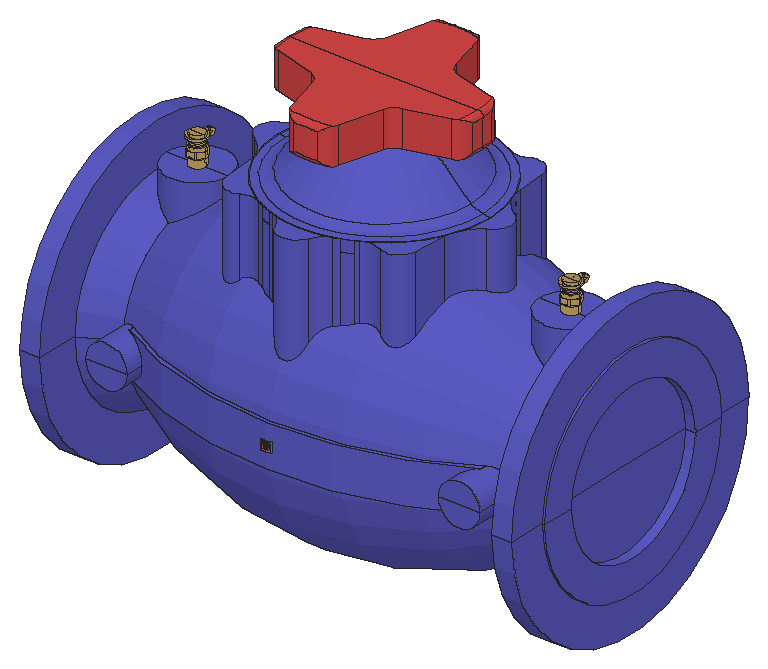
Revit family "Strangregulierventil für Differenzdruckmessung, Geradsitzform 4218 GMF", category Rohrzubehör, Revit 2018
Family settings
  Bemaßung runder Anschluss = Durchmesser verwenden
  Teiletyp = Unterbricht
  OmniClass-Nummer = 23.65.55.14
  OmniClass-Titel = Valves for Liquid Services
  Arbeitsebenenbasiert = Nein
  Immer vertikal = Ja
  Beim Laden mit Abzugskörper schneiden = Nein
  Gemeinsam genutzt = Nein
Parameters
  kvs-Wert [instance] = if(Nennweite = 25.00 mm, 11.53, if(Nennweite = 32.00 mm, 16.6, if(Nennweite = 40.00 mm, 28.6, if(Nennweite = 50.00 mm, 37.84, if(Nennweite = 65.00 mm, 60.3, if(Nennweite = 80.00 mm, 67.8, if(Nennweite = 100.00 mm, 99.55, if(Nennweite = 125.00 mm, 186.58, if(Nennweite = 150.00 mm, 279.05, 0)))))))))  # 279.05
  W02 = 60.00°  # constant formula
  W01 [instance] = if(Nennweite = 25.00 mm, 10.00°, if(Nennweite = 32.00 mm, 10.00°, if(Nennweite = 40.00 mm, 15.00°, if(Nennweite = 50.00 mm, 10.00°, if(Nennweite = 65.00 mm, 25.00°, if(Nennweite = 80.00 mm, 25.00°, 0.80°))))))  # 0.80°
  Ventiloberteil (bis DN100) = "Messing"  # constant formula
  Ventiloberteil (ab DN125) = "Grauguss"  # constant formula
  Ventilgehäuse = "Grauguss GJL 250 nach EN 1561"  # constant formula
  URL = "www.herz-armaturen.at"
  SCRNSEQ = "ARM;ARM_TYP=\"STRV\";2"
  SCRNCODE = "05;07;02"  # constant formula
  S01 [instance] = Nennweite + 10.00 mm  # 160.00 mm
  R02 [instance] = size_lookup("4218_GMF_", "R2", 1.00 mm, Nennweite)  # 30.00 mm
  R01 [instance] = size_lookup("4218_GMF_", "R1", 1.00 mm, Nennweite)  # 20.00 mm
  O-Ringe = "EPDM"  # constant formula
  Nennweite [instance] = 150.00 mm
  Medium = "Heizwasserqualität entsprechend ÖNORM H 5195 bzw. VDI Richtlinie 2035.\r\nEthylen und Propylenglykol können in einem Verhältnis von 25-50 vol. [%] gemischt werden."
  Max. Betriebstemperatur (bis DN32) = 130 °C  # constant formula
  Max. Betriebstemperatur (ab DN40) = 110 °C  # constant formula
  Max. Betriebsdruck = 1600000.0 Pa  # constant formula
  L03 [instance] = size_lookup("4218_GMF_", "L3", 1.00 mm, Nennweite)  # 180.00 mm
  L02 [instance] = size_lookup("4218_GMF_", "L2", 1.00 mm, Nennweite)  # 170.00 mm
  L01 [instance] = size_lookup("4218_GMF_", "L1", 1.00 mm, Nennweite)  # 185.00 mm
  L00 [instance] = size_lookup("4218_GMF_", "L", 1.00 mm, Nennweite)  # 480.00 mm
  Hersteller = "HERZ Armaturen Ges.m.b.H."  # constant formula
  H08 [instance] = H02 + H04  # 238.50 mm
  H07 = 10.00 mm  # constant formula
  H06 [instance] = size_lookup("4218_GMF_", "H6", 1.00 mm, Nennweite)  # 56.00 mm
  H05 [instance] = size_lookup("4218_GMF_", "H5", 1.00 mm, Nennweite)  # 11.00 mm
  H04 [instance] = size_lookup("4218_GMF_", "H4", 1.00 mm, Nennweite)  # 78.50 mm
  H03 [instance] = size_lookup("4218_GMF_", "H3", 1.00 mm, Nennweite)  # 118.00 mm
  H02N [instance] = H02 + 11.00 mm  # 171.00 mm
  H02 [instance] = size_lookup("4218_GMF_", "H2", 1.00 mm, Nennweite)  # 160.00 mm
  H01 [instance] = size_lookup("4218_GMF_", "H1", 1.00 mm, Nennweite)  # 122.00 mm
  GT = 10.00 mm  # constant formula
  FLL02 [instance] = size_lookup("4218_GMF_", "FLL2", 1.00 mm, Nennweite)  # 19.00 mm
  FLL01 [instance] = size_lookup("4218_GMF_", "FLL1", 1.00 mm, Nennweite)  # 3.00 mm
  FLD03 [instance] = size_lookup("4218_GMF_", "FLD3", 1.00 mm, Nennweite)  # 84.20 mm
  FLD02 [instance] = size_lookup("4218_GMF_", "FLD2", 1.00 mm, Nennweite)  # 101.00 mm
  FLD01 [instance] = size_lookup("4218_GMF_", "FLD1", 1.00 mm, Nennweite)  # 106.00 mm
  FLD00 [instance] = size_lookup("4218_GMF_", "FLD", 1.00 mm, Nennweite)  # 142.50 mm
  Differenzdruckmessnung = "Das STRÖMAX-GMF Strangregulierventil ist mit zwei Schnellmessventilen ausgestattet:\r\nBei Verwendung eines geeigneten Messgerätes kann der Differenzdruck gemessen und dadurch die jeweilige Durchflussmenge in Abhängigkeit der Einstellstufe ermittelt werden.\r\nAn den HERZ-Messcomputern ist außerdem direkt die jeweilige Durchflussmenge ablesbar (siehe Gerätehandbuch)."
  DN80 [instance] = Nennweite = 80.00 mm  # no
  DN65 [instance] = Nennweite = 65.00 mm  # no
  DN50-DN80 [instance] = or(Nennweite = 50.00 mm, Nennweite = 65.00 mm, Nennweite = 80.00 mm)  # no
  DN50 [instance] = Nennweite = 50.00 mm  # no
  DN40 [instance] = Nennweite = 40.00 mm  # no
  DN32 [instance] = Nennweite = 32.00 mm  # no
  DN25-DN40 [instance] = or(Nennweite = 25.00 mm, Nennweite = 32.00 mm, Nennweite = 40.00 mm)  # no
  DN25 [instance] = Nennweite = 25.00 mm  # no
  DN150 [instance] = Nennweite = 150.00 mm  # yes
  DN125 [instance] = Nennweite = 125.00 mm  # no
  DN100-DN125 [instance] = or(Nennweite = 100.00 mm, Nennweite = 125.00 mm, Nennweite = 150.00 mm)  # yes
  DN100 [instance] = Nennweite = 100.00 mm  # no
  D04 [instance] = size_lookup("4218_GMF_", "D4", 1.00 mm, Nennweite)  # 15.00 mm
  D03 [instance] = size_lookup("4218_GMF_", "D3", 1.00 mm, Nennweite)  # 16.00 mm
  D02 [instance] = size_lookup("4218_GMF_", "D2", 1.00 mm, Nennweite)  # 17.00 mm
  D01 [instance] = size_lookup("4218_GMF_", "D1", 1.00 mm, Nennweite)  # 102.50 mm
  D00 [instance] = size_lookup("4218_GMF_", "D", 1.00 mm, Nennweite)  # 140.00 mm
  Bestellnummer [instance] = size_lookup("4218_GMF_", "Artnr", 0, Nennweite)  # 1421851
  BH02 [instance] = -BH01  # -20.00 mm
  BH01 [instance] = if(Nennweite = 25.00 mm, 12.00 mm, if(Nennweite = 32.00 mm, 12.50 mm, if(Nennweite = 40.00 mm, 12.50 mm, if(Nennweite = 50.00 mm, 12.50 mm, if(Nennweite = 65.00 mm, 15.00 mm, if(Nennweite = 80.00 mm, 16.00 mm, if(Nennweite = 100.00 mm, 17.50 mm, if(Nennweite = 125.00 mm, 17.50 mm, if(Nennweite = 150.00 mm, 20.00 mm, 1.00 mm)))))))))  # 20.00 mm
  Ausführung = "Geradsitzform, Gehäuse Grauguss GJL 250 nach EN 1561, Flansche nach EN 1092, PN 16; blau lackiert.\r\nMessing Oberteil bis DN 100 geschraubt, ab DN 125 Ventiloberteil Grauguss mit nicht steigender Spindel, Spindelabdichtung durch Doppel-O-Ring.\r\nVoreinstellung durch Hubbegrenzung mittels Innenspindel, digitale Anzeige der Voreinstellstufe im Handradfenster.\r\nZwei Schnellmessventile sind neben dem Handrad montiert."
  Anwendungen = "Zum hydraulischen Abgleich in Heiz- oder Kühlanlagen, Einregulieren und Absperren von Verteilleitungen, Strängen, Wärmetauschern, Heiz- und Kühlregistern."
  Anschluss [instance] = Nennweite / 2  # 75.00 mm
Reference planes
  plane 1 "Mitte (Vorne/hinten)": y = 0
  plane 2: z = 0
  plane 3 "Mitte (Links/rechts)": x = 0
Forms (mm)
  Revolve 1, solid, material "Herz-Marineblau", detail levels fine
    sketch origin (1058.943, 0, 0) x (1, 0, 0) y (0, 1, 0)
      loop
        line (-1295.943, 142.5) -> (-1295.943, 106) -> (-1298.943, 106) -> (-1298.943, 75) -> (-1288.943, 75) -> (-1288.943, 0) -> (-828.943, 0) -> (-828.943, 75) -> (-818.943, 75) -> (-818.943, 106) -> (-821.943, 106) -> (-821.943, 142.5) -> (-840.943, 142.5) -> (-840.943, 101) -> (-873.943, 84.2)
        arc (-873.943, 84.2) -> (-1058.943, 140) -> (-1243.943, 84.2) r 334.576
        line (-1243.943, 84.2) -> (-1276.943, 101) -> (-1276.943, 142.5) -> (-1295.943, 142.5)
      axis (-1298.943, 0) -> (-818.943, 0)
    angle from 0 to 360
  Revolve 2, solid, material "Herz-Marineblau", detail levels fine
    sketch origin (0, 0, 0) x (1, 0, 0) y (0, 1, 0)
      loop
        line (-170, 122) -> (-190, 122) -> (-190, -122) -> (-170, -122) -> (-170, 122)
      axis (-170, 122) -> (-170, -122)
    angle from 0 to 360
  Revolve 3, solid, material "Herz-Marineblau", detail levels fine
    sketch origin (0, 0, 0) x (-1, 0, 0) y (0, 1, 0)
      loop
        line (-170, 122) -> (-190, 122) -> (-190, -122) -> (-170, -122) -> (-170, 122)
      axis (-170, 122) -> (-170, -122)
    angle from 0 to 360
  Revolve 4, solid, material "Herz-Marineblau", detail levels fine
    sketch origin (0, 0, 0) x (1, 0, 0) y (0, 0, 1)
      loop
        line (0, 0) -> (0, 160) -> (-102.5, 160) -> (-102.5, 0) -> (0, 0)
      axis (0, 160) -> (0, 0)
    angle from 0 to 360
  Revolve 5, solid, material "Herz-Marineblau", detail levels fine
    sketch origin (0, 0, 0) x (1, 0, 0) y (0, 0, 1)
      loop
        line (-178.413, 4.322) -> (-148.416, 4.741) -> (-150.003, 118.419) -> (-180, 118) -> (-178.413, 4.322)
      axis (-180, 118) -> (-178.413, 4.322)
    angle from 0 to 360
  Revolve 6, solid, material "Herz-Marineblau", detail levels fine
    sketch origin (0, 0, 0) x (-1, 0, 0) y (0, 0, 1)
      loop
        line (-178.413, 4.322) -> (-148.416, 4.741) -> (-150.003, 118.419) -> (-180, 118) -> (-178.413, 4.322)
      axis (-180, 118) -> (-178.413, 4.322)
    angle from 0 to 360
  Extrusion 7, solid, material "Herz-Marineblau", visible <- "DN25", detail levels fine
    sketch origin (0, 0, 0) x (1, 0, 0) y (0, 1, 0)
      loop
        line (-40, 18.232) -> (-40, -18.232)
        arc (-40, -18.232) -> (0, -31) -> (40, -18.232) r 69.038
        line (40, -18.232) -> (40, 18.232)
        arc (40, 18.232) -> (0, 31) -> (-40, 18.232) r 69.038
    from -20 <- "BH02" to 20 <- "BH01"
  Extrusion 8, solid, material "Herz-Marineblau", visible <- "DN32", detail levels fine
    sketch origin (0, 0, 0) x (1, 0, 0) y (0, 1, 0)
      loop
        line (-50, 21.35) -> (-50, -21.35)
        arc (-50, -21.35) -> (0, -37) -> (50, -21.35) r 87.698
        line (50, -21.35) -> (50, 21.35)
        arc (50, 21.35) -> (0, 37) -> (-50, 21.35) r 87.698
    from -20 <- "BH02" to 20 <- "BH01"
  Extrusion 9, solid, material "Herz-Marineblau", visible <- "DN40", detail levels fine
    sketch origin (0, 0, 0) x (1, 0, 0) y (0, 1, 0)
      loop
        arc (-60, -22.89) -> (0, -39) -> (60, -22.89) r 119.787
        line (60, -22.89) -> (60, 22.89)
        arc (60, 22.89) -> (0, 39) -> (-60, 22.89) r 119.787
        line (-60, 22.89) -> (-60, -22.89)
    from -20 <- "BH02" to 20 <- "BH01"
  Extrusion 10, solid, material "Herz-Marineblau", visible <- "DN50", detail levels fine
    sketch origin (0, 0, 0) x (1, 0, 0) y (0, 1, 0)
      loop
        line (70, -31.244) -> (70, 31.244)
        arc (70, 31.244) -> (0, 44) -> (-70, 31.244) r 198.442
        line (-70, 31.244) -> (-70, -31.244)
        arc (-70, -31.244) -> (0, -44) -> (70, -31.244) r 198.442
    from -20 <- "BH02" to 20 <- "BH01"
  Extrusion 11, solid, material "Herz-Marineblau", visible <- "DN65", detail levels fine
    sketch origin (0, 0, 0) x (1, 0, 0) y (0, 1, 0)
      loop
        line (-89, 42.065) -> (-89, -42.065)
        arc (-89, -42.065) -> (0, -53) -> (89, -42.065) r 367.662
        line (89, -42.065) -> (89, 42.065)
        arc (89, 42.065) -> (0, 53) -> (-89, 42.065) r 367.662
    from -20 <- "BH02" to 20 <- "BH01"
  Extrusion 12, solid, material "Herz-Marineblau", visible <- "DN80", detail levels fine
    sketch origin (0, 0, 0) x (1, 0, 0) y (0, 1, 0)
      loop
        arc (-100, -47.474) -> (0, -56.538) -> (100, -47.474) r 556.156
        line (100, -47.474) -> (100, 47.474)
        arc (100, 47.474) -> (0, 56.538) -> (-100, 47.474) r 556.156
        line (-100, 47.474) -> (-100, -47.474)
    from -20 <- "BH02" to 20 <- "BH01"
  Extrusion 13, solid, material "Herz-Marineblau", visible <- "DN100", detail levels fine
    sketch origin (0, 0, 0) x (1, 0, 0) y (0, 1, 0)
      loop
        line (-118, 61.457) -> (-118, -61.457)
        arc (-118, -61.457) -> (0, -84.506) -> (118, -61.457) r 313.571
        line (118, -61.457) -> (118, 61.457)
        arc (118, 61.457) -> (0, 84.506) -> (-118, 61.457) r 313.571
    from -20 <- "BH02" to 20 <- "BH01"
  Extrusion 14, solid, material "Herz-Marineblau", visible <- "DN125", detail levels fine
    sketch origin (0, 0, 0) x (1, 0, 0) y (0, 1, 0)
      loop
        line (-140, 76.087) -> (-140, -76.087)
        arc (-140, -76.087) -> (0, -121.009) -> (140, -76.087) r 240.621
        line (140, -76.087) -> (140, 76.087)
        arc (140, 76.087) -> (0, 121.009) -> (-140, 76.087) r 240.621
    from -20 <- "BH02" to 20 <- "BH01"
  Extrusion 15, solid, material "Herz-Marineblau", visible <- "DN150", detail levels fine
    sketch origin (0, 0, 0) x (1, 0, 0) y (0, 1, 0)
      loop
        arc (-170, -95.905) -> (0, -141.967) -> (170, -95.905) r 336.739
        line (170, -95.905) -> (170, 95.905)
        arc (170, 95.905) -> (0, 141.967) -> (-170, 95.905) r 336.739
        line (-170, 95.905) -> (-170, -95.905)
    from -20 <- "BH02" to 20 <- "BH01"
  Extrusion 16, solid, material "Herz-Marineblau", visible <- "DN125", detail levels fine
    sketch origin (0, 0, 0) x (1, 0, 0) y (0, 1, 0)
      loop
        arc (15.676, 98.149) -> (0, 109.5) -> (-15.676, 98.149) r 16.5
        arc (-15.676, 98.149) -> (-20.502, 90.282) -> (-28.346, 85.419) r 20
        arc (-28.346, 85.419) -> (-34.369, 83.168) -> (-40.215, 80.492) r 90
        arc (-40.215, 80.492) -> (-49.468, 78.32) -> (-58.678, 80.663) r 20
        arc (-58.678, 80.663) -> (-75.166, 79.318) -> (-82.2, 64.344) r 16.5
        line (-82.2, 64.344) -> (-85.23, 28.819)
        arc (-85.23, 28.819) -> (-90.21, 20.539) -> (-98.49, 15.56) r 20
        arc (-98.49, 15.56) -> (-109.5, 0) -> (-98.49, -15.56) r 16.5
        arc (-98.49, -15.56) -> (-90.21, -20.539) -> (-85.23, -28.819) r 20
        line (-85.23, -28.819) -> (-82.2, -64.344)
        arc (-82.2, -64.344) -> (-75.166, -79.318) -> (-58.678, -80.663) r 16.5
        arc (-58.678, -80.663) -> (-49.468, -78.32) -> (-40.215, -80.492) r 20
        arc (-40.215, -80.492) -> (-34.369, -83.168) -> (-28.346, -85.419) r 90
        arc (-28.346, -85.419) -> (-20.502, -90.282) -> (-15.676, -98.149) r 20
        arc (-15.676, -98.149) -> (0, -109.5) -> (15.676, -98.149) r 16.5
        arc (15.676, -98.149) -> (20.502, -90.282) -> (28.346, -85.419) r 20
        arc (28.346, -85.419) -> (34.369, -83.168) -> (40.215, -80.492) r 90
        arc (40.215, -80.492) -> (49.468, -78.32) -> (58.678, -80.663) r 20
        arc (58.678, -80.663) -> (75.166, -79.318) -> (82.2, -64.344) r 16.5
        line (82.2, -64.344) -> (85.23, -28.819)
        arc (85.23, -28.819) -> (90.21, -20.539) -> (98.49, -15.56) r 20
        arc (98.49, -15.56) -> (109.5, 0) -> (98.49, 15.56) r 16.5
        arc (98.49, 15.56) -> (90.21, 20.539) -> (85.23, 28.819) r 20
        line (85.23, 28.819) -> (82.2, 64.344)
        arc (82.2, 64.344) -> (75.166, 79.318) -> (58.678, 80.663) r 16.5
        arc (58.678, 80.663) -> (49.468, 78.32) -> (40.215, 80.492) r 20
        arc (40.215, 80.492) -> (34.369, 83.168) -> (28.346, 85.419) r 90
        arc (28.346, 85.419) -> (20.502, 90.282) -> (15.676, 98.149) r 20
    from 0 to 171 <- "H02N"
  Extrusion 17, solid, material "Herz-Marineblau", visible <- "DN150", detail levels fine
    sketch origin (0, 0, 0) x (1, 0, 0) y (0, 1, 0)
      loop
        arc (16.1, 110.958) -> (0, 122.5) -> (-16.1, 110.958) r 17
        arc (-16.1, 110.958) -> (-21.16, 102.981) -> (-29.318, 98.218) r 19.995
        arc (-29.318, 98.218) -> (-39.225, 94.698) -> (-48.72, 90.181) r 102.5
        arc (-48.72, 90.181) -> (-57.856, 87.781) -> (-67.075, 89.844) r 19.995
        arc (-67.075, 89.844) -> (-82.996, 89.381) -> (-91.547, 75.943) r 17
        line (-91.547, 75.943) -> (-94.4, 39.936)
        arc (-94.4, 39.936) -> (-101.42, 25.402) -> (-113.679, 14.903) r 39.4
        arc (-113.679, 14.903) -> (-122.5, 0) -> (-113.679, -14.903) r 17
        arc (-113.679, -14.903) -> (-101.42, -25.402) -> (-94.4, -39.936) r 39.4
        line (-94.4, -39.936) -> (-91.547, -75.943)
        arc (-91.547, -75.943) -> (-82.996, -89.381) -> (-67.075, -89.844) r 17
        arc (-67.075, -89.844) -> (-57.856, -87.781) -> (-48.72, -90.181) r 19.995
        arc (-48.72, -90.181) -> (-39.225, -94.698) -> (-29.318, -98.218) r 102.5
        arc (-29.318, -98.218) -> (-21.16, -102.981) -> (-16.1, -110.958) r 19.995
        arc (-16.1, -110.958) -> (0, -122.5) -> (16.1, -110.958) r 17
        arc (16.1, -110.958) -> (21.16, -102.981) -> (29.318, -98.218) r 19.995
        arc (29.318, -98.218) -> (39.225, -94.698) -> (48.72, -90.181) r 102.5
        arc (48.72, -90.181) -> (57.856, -87.781) -> (67.075, -89.844) r 19.995
        arc (67.075, -89.844) -> (82.996, -89.381) -> (91.547, -75.943) r 17
        line (91.547, -75.943) -> (93.96, -45.484)
        arc (93.96, -45.484) -> (99.132, -28.867) -> (110.958, -16.1) r 39.4
        arc (110.958, -16.1) -> (122.5, 0) -> (110.958, 16.1) r 17
        arc (110.958, 16.1) -> (99.132, 28.867) -> (93.96, 45.484) r 39.4
        line (93.96, 45.484) -> (91.547, 75.943)
        arc (91.547, 75.943) -> (82.996, 89.381) -> (67.075, 89.844) r 17
        arc (67.075, 89.844) -> (57.856, 87.781) -> (48.72, 90.181) r 19.995
        arc (48.72, 90.181) -> (39.225, 94.698) -> (29.318, 98.218) r 102.5
        arc (29.318, 98.218) -> (21.16, 102.981) -> (16.1, 110.958) r 19.995
    from 0 to 171 <- "H02N"
  Revolve 18, solid, material "Herz-Marineblau", detail levels fine
    sketch origin (0, 0, 0) x (1, 0, 0) y (0, 0, 1)
      loop
        line (0, 160) -> (0, 238.5) -> (-15, 238.5) -> (-15, 228.5) -> (-16, 228.5) -> (-16, 227) -> (-17, 227) -> (-17, 171) -> (-102.5, 171) -> (-102.5, 160) -> (0, 160)
      axis (0, 238.5) -> (0, 160)
    angle from 0 to 360
  Revolve 19, solid, material "Herz-Marineblau", visible <- "DN125", detail levels fine
    sketch origin (0, 0, 143) x (1, 0, 0) y (0, 0, 1)
      loop
        line (0, 0) -> (0, 62) -> (-15, 62) -> (-15, 52) -> (-21.8, 52)
        arc (-21.8, 52) -> (-23.44, 48.297) -> (-27.284, 47.023) r 5
        arc (-27.284, 47.023) -> (-30.294, 46.63) -> (-32.827, 44.959) r 6.752
        arc (-32.827, 44.959) -> (-52.854, 27.042) -> (-71.197, 7.406) r 300
        arc (-71.197, 7.406) -> (-77.249, 2.612) -> (-84.666, 0.467) r 20
        line (-84.666, 0.467) -> (-90, 0) -> (0, 0)
      axis (0, 62) -> (0, 0)
    angle from 0 to 360
  Revolve 20, solid, material "Herz-Marineblau", visible <- "DN150", detail levels fine
    sketch origin (0, 0, 171) x (1, 0, 0) y (0, 0, 1)
      loop
        line (0, 67.5) -> (-15, 67.5) -> (-15, 57.5) -> (-21.8, 57.5)
        arc (-21.8, 57.5) -> (-23.44, 53.797) -> (-27.284, 52.523) r 5
        arc (-27.284, 52.523) -> (-29.026, 52.21) -> (-30.549, 51.31) r 5
        arc (-30.549, 51.31) -> (-58.499, 29.932) -> (-83.754, 5.428) r 300
        arc (-83.754, 5.428) -> (-89.037, 2.148) -> (-95.072, 0.65) r 20
        line (-95.072, 0.65) -> (-102.5, 0) -> (0, 0) -> (0, 67.5)
      axis (0, 67.5) -> (0, 0)
    angle from 0 to 360
Lines and regions (mm)
  model lines, detail levels coarse+medium
    curve 1: line (-240, 0, 142.5) -> (-240, 0, -142.5)
    curve 2: line (-240, 0, -142.5) -> (240, 0, 142.5)
    curve 3: line (240, 0, 142.5) -> (240, 0, -142.5)
    curve 4: line (240, 0, -142.5) -> (-240, 0, 142.5)
    curve 5: line (0, 0, 0) -> (137.698, 0, 238.5)
    curve 6: line (68.416, 0, 278.5) -> (206.98, 0, 198.5)
    curve 7: line (-240, 142.5, 0) -> (-240, -142.5, 0)
    curve 8: line (-240, -142.5, 0) -> (240, 142.5, 0)
    curve 9: line (240, 142.5, 0) -> (240, -142.5, 0)
    curve 10: line (240, -142.5, 0) -> (-240, 142.5, 0)
    curve 11: line (0, 0, 0) -> (137.698, 238.5, 0)
    curve 12: line (68.416, 278.5, 0) -> (206.98, 198.5, 0)
Dimensions and locks
  "FLD00": plane 1 "Mitte (Vorne/hinten)" to Revolve 1 sketch curve
  "FLD01": plane 1 "Mitte (Vorne/hinten)" to Revolve 1 sketch curve
  "FLD02": plane 1 "Mitte (Vorne/hinten)" to Revolve 1 sketch curve  (x2)
  "FLD03": plane 1 "Mitte (Vorne/hinten)" to Revolve 1 sketch curve  (x2)
  "GT": Revolve 1 sketch curve to Revolve 1 sketch curve  (x2)
  "FLL01": Revolve 1 sketch curve to Revolve 1 sketch curve  (x2)
  "FLL02": Revolve 1 sketch curve to Revolve 1 sketch curve  (x2)
  equal spacing: Revolve 1 sketch curve, plane 3 "Mitte (Links/rechts)", Revolve 1 sketch curve
  "Anschluss": Revolve 1 sketch curve to plane 1 "Mitte (Vorne/hinten)"
  "Anschluss": plane 1 "Mitte (Vorne/hinten)" to Revolve 1 sketch curve
  "FLD01": Revolve 1 sketch curve to plane 1 "Mitte (Vorne/hinten)"
  "FLD00": Revolve 1 sketch curve to plane 1 "Mitte (Vorne/hinten)"
  "L00": Revolve 1 sketch curve to Revolve 1 sketch curve
  "D00": plane 1 "Mitte (Vorne/hinten)" to Revolve 1 sketch curve
  "L01": Revolve 1 sketch curve to plane 3 "Mitte (Links/rechts)" to Revolve 1 sketch curve
  "L02": Revolve 2 sketch curve to plane 3 "Mitte (Links/rechts)"
  "R01": Revolve 2 sketch curve to Revolve 2 sketch curve
  "H01": Revolve 2 sketch curve to plane 1 "Mitte (Vorne/hinten)" to Revolve 2 sketch curve
  "L02": plane 3 "Mitte (Links/rechts)" to Revolve 3 sketch curve
  "R01": Revolve 3 sketch curve to Revolve 3 sketch curve
  "H01": Revolve 3 sketch curve to plane 1 "Mitte (Vorne/hinten)" to Revolve 3 sketch curve
  "D01": plane 3 "Mitte (Links/rechts)" to Revolve 4 sketch curve
  "H02": Revolve 4 sketch curve to plane 2
  "H03": Revolve 5 sketch curve to plane 2  (x2)
  "R02": Revolve 5 sketch curve to Revolve 5 sketch curve
  "L03": plane 3 "Mitte (Links/rechts)" to Revolve 5 sketch curve  (x2)
  "R02": Revolve 6 sketch curve to Revolve 6 sketch curve
  "L03": Revolve 6 sketch curve to plane 3 "Mitte (Links/rechts)"  (x2)
  "H03": Revolve 6 sketch curve to plane 2  (x2)
  "D01": plane 3 "Mitte (Links/rechts)" to Revolve 18 sketch curve
  "D02": plane 3 "Mitte (Links/rechts)" to Revolve 18 sketch curve
  "D03": plane 3 "Mitte (Links/rechts)" to Revolve 18 sketch curve
  "D04": plane 3 "Mitte (Links/rechts)" to Revolve 18 sketch curve
  "H02": Revolve 18 sketch curve to plane 2
  "H04": Revolve 18 sketch curve to Revolve 18 sketch curve
  "H05": Revolve 18 sketch curve to Revolve 18 sketch curve
  "H06": Revolve 18 sketch curve to Revolve 18 sketch curve
  "H07": Revolve 18 sketch curve to Revolve 18 sketch curve
  "H08": nested 28 to plane 2
  "H08": nested 29 to plane 2
  "H08": nested 30 to plane 2
  "FLD00": curve 4 to plane 2 to curve 2
  "FLD00": curve 3 to plane 2 to curve 4
  equal spacing: curve 1, plane 3 "Mitte (Links/rechts)", curve 3
  "L00": curve 1 to curve 3
  equal spacing: curve 1, curve 5, curve 3
  "H08": curve 5 to plane 2
  equal spacing: curve 6, curve 5, curve 6
  "S01": curve 6 to curve 6
  "FLD00": curve 8 to plane 1 "Mitte (Vorne/hinten)" to curve 10
  "FLD00": curve 10 to plane 1 "Mitte (Vorne/hinten)" to curve 9
  equal spacing: curve 7, plane 3 "Mitte (Links/rechts)", curve 9
  "L00": curve 7 to curve 9
  equal spacing: curve 7, curve 11, curve 9
  "H08": plane 1 "Mitte (Vorne/hinten)" to curve 11
  equal spacing: curve 12, curve 11, curve 12
  "S01": curve 12 to curve 12
  "W01": angle plane 3 "Mitte (Links/rechts)" to Revolve 5 sketch curve  (x2)
  "W01": angle Revolve 6 sketch curve to plane 3 "Mitte (Links/rechts)"  (x2)
  "W02": angle plane 2 to curve 5
  "W02": angle plane 1 "Mitte (Vorne/hinten)" to curve 11
  aligned and locked: level to plane 2
Automatic sketch dimensions
  Extrusion 7 sketch curve to plane 3 "Mitte (Links/rechts)" = 0.00 mm  (x2)
  Extrusion 7 sketch curve to plane 1 "Mitte (Vorne/hinten)" = 18.232 mm  (x2)
  Extrusion 7 sketch curve to plane 3 "Mitte (Links/rechts)" = 40.00 mm
  plane 1 "Mitte (Vorne/hinten)" to Extrusion 7 sketch curve = 18.232 mm
  plane 1 "Mitte (Vorne/hinten)" to Extrusion 7 sketch curve = 38.038 mm
  Extrusion 7 sketch curve to plane 1 "Mitte (Vorne/hinten)" = 38.038 mm
  Extrusion 8 sketch curve to plane 3 "Mitte (Links/rechts)" = 0.00 mm  (x2)
  plane 1 "Mitte (Vorne/hinten)" to Extrusion 8 sketch curve = 21.35 mm  (x2)
  Extrusion 8 sketch curve to plane 3 "Mitte (Links/rechts)" = 50.00 mm
  plane 1 "Mitte (Vorne/hinten)" to Extrusion 8 sketch curve = 50.698 mm
  Extrusion 8 sketch curve to plane 1 "Mitte (Vorne/hinten)" = 21.35 mm
  Extrusion 8 sketch curve to plane 1 "Mitte (Vorne/hinten)" = 50.698 mm
  Extrusion 9 sketch curve to plane 3 "Mitte (Links/rechts)" = 0.00 mm  (x2)
  Extrusion 9 sketch curve to plane 1 "Mitte (Vorne/hinten)" = 22.89 mm  (x2)
  Extrusion 9 sketch curve to plane 3 "Mitte (Links/rechts)" = 60.00 mm
  plane 1 "Mitte (Vorne/hinten)" to Extrusion 9 sketch curve = 22.89 mm
  plane 1 "Mitte (Vorne/hinten)" to Extrusion 9 sketch curve = 80.787 mm
  Extrusion 9 sketch curve to plane 1 "Mitte (Vorne/hinten)" = 80.787 mm
  Extrusion 10 sketch curve to plane 3 "Mitte (Links/rechts)" = 0.00 mm  (x2)
  plane 1 "Mitte (Vorne/hinten)" to Extrusion 10 sketch curve = 31.244 mm  (x2)
  Extrusion 10 sketch curve to plane 3 "Mitte (Links/rechts)" = 70.00 mm
  Extrusion 10 sketch curve to Extrusion 10 sketch curve = 123.198 mm  (x2)
  Extrusion 10 sketch curve to plane 1 "Mitte (Vorne/hinten)" = 31.244 mm
  Extrusion 11 sketch curve to plane 3 "Mitte (Links/rechts)" = 0.00 mm  (x2)
  plane 1 "Mitte (Vorne/hinten)" to Extrusion 11 sketch curve = 42.065 mm  (x2)
  Extrusion 11 sketch curve to plane 3 "Mitte (Links/rechts)" = 89.00 mm
  Extrusion 11 sketch curve to Extrusion 11 sketch curve = 272.597 mm  (x2)
  Extrusion 11 sketch curve to plane 1 "Mitte (Vorne/hinten)" = 42.065 mm
  Extrusion 12 sketch curve to plane 3 "Mitte (Links/rechts)" = 0.00 mm  (x2)
  Extrusion 12 sketch curve to plane 1 "Mitte (Vorne/hinten)" = 47.474 mm
  Extrusion 12 sketch curve to plane 3 "Mitte (Links/rechts)" = 100.00 mm
  plane 1 "Mitte (Vorne/hinten)" to Extrusion 12 sketch curve = 47.474 mm
  plane 3 "Mitte (Links/rechts)" to Extrusion 12 sketch curve = 100.00 mm
  Extrusion 12 sketch curve to Extrusion 12 sketch curve = 452.143 mm  (x2)
  Extrusion 13 sketch curve to plane 3 "Mitte (Links/rechts)" = 0.00 mm  (x2)
  plane 1 "Mitte (Vorne/hinten)" to Extrusion 13 sketch curve = 61.457 mm  (x2)
  Extrusion 13 sketch curve to plane 3 "Mitte (Links/rechts)" = 118.00 mm
  Extrusion 13 sketch curve to Extrusion 13 sketch curve = 167.608 mm  (x2)
  Extrusion 13 sketch curve to plane 1 "Mitte (Vorne/hinten)" = 61.457 mm
  Extrusion 14 sketch curve to plane 3 "Mitte (Links/rechts)" = 0.00 mm  (x2)
  plane 1 "Mitte (Vorne/hinten)" to Extrusion 14 sketch curve = 76.087 mm  (x2)
  Extrusion 14 sketch curve to plane 3 "Mitte (Links/rechts)" = 140.00 mm
  plane 1 "Mitte (Vorne/hinten)" to Extrusion 14 sketch curve = 119.612 mm
  Extrusion 14 sketch curve to plane 1 "Mitte (Vorne/hinten)" = 76.087 mm
  Extrusion 14 sketch curve to plane 1 "Mitte (Vorne/hinten)" = 119.612 mm
  Extrusion 15 sketch curve to plane 3 "Mitte (Links/rechts)" = 0.00 mm  (x2)
  Extrusion 15 sketch curve to plane 1 "Mitte (Vorne/hinten)" = 95.905 mm  (x2)
  Extrusion 15 sketch curve to plane 3 "Mitte (Links/rechts)" = 170.00 mm
  plane 1 "Mitte (Vorne/hinten)" to Extrusion 15 sketch curve = 95.905 mm
  plane 1 "Mitte (Vorne/hinten)" to Extrusion 15 sketch curve = 194.771 mm
  Extrusion 15 sketch curve to plane 1 "Mitte (Vorne/hinten)" = 194.771 mm
  plane 1 "Mitte (Vorne/hinten)" to Extrusion 16 sketch curve = 0.00 mm  (x2)
  Extrusion 16 sketch curve to plane 3 "Mitte (Links/rechts)" = 0.00 mm  (x2)
  plane 1 "Mitte (Vorne/hinten)" to Extrusion 16 sketch curve = 0.047 mm  (x2)
  Extrusion 16 sketch curve to plane 3 "Mitte (Links/rechts)" = 0.141 mm
  Extrusion 16 sketch curve to plane 1 "Mitte (Vorne/hinten)" = 0.047 mm  (x2)
  Extrusion 16 sketch curve to Extrusion 16 sketch curve = 0.00 mm  (x10)
  Extrusion 16 sketch curve to plane 3 "Mitte (Links/rechts)" = 34.677 mm  (x2)
  Extrusion 16 sketch curve to Extrusion 16 sketch curve = 14.605 mm  (x4)
  Extrusion 16 sketch curve to Extrusion 16 sketch curve = 16.479 mm  (x4)
  Extrusion 16 sketch curve to Extrusion 16 sketch curve = 16.439 mm  (x4)
  Extrusion 16 sketch curve to Extrusion 16 sketch curve = 3.03 mm  (x4)
  plane 1 "Mitte (Vorne/hinten)" to Extrusion 16 sketch curve = 28.819 mm  (x2)
  Extrusion 16 sketch curve to Extrusion 16 sketch curve = 7.77 mm  (x2)
  Extrusion 16 sketch curve to Extrusion 16 sketch curve = 19.122 mm  (x4)
  plane 3 "Mitte (Links/rechts)" to Extrusion 16 sketch curve = 0.141 mm
  plane 3 "Mitte (Links/rechts)" to Extrusion 16 sketch curve = 34.677 mm  (x2)
  Extrusion 16 sketch curve to Extrusion 16 sketch curve = 5.862 mm  (x4)
  Extrusion 16 sketch curve to Extrusion 16 sketch curve = 35.525 mm  (x4)
  Extrusion 16 sketch curve to Extrusion 16 sketch curve = 1.417 mm  (x4)
  Extrusion 16 sketch curve to Extrusion 16 sketch curve = 27.239 mm  (x2)
  Extrusion 16 sketch curve to Extrusion 16 sketch curve = 32.558 mm  (x4)
  Extrusion 16 sketch curve to Extrusion 16 sketch curve = 6.072 mm  (x4)
  Extrusion 16 sketch curve to plane 1 "Mitte (Vorne/hinten)" = 28.819 mm  (x2)
  Extrusion 16 sketch curve to plane 3 "Mitte (Links/rechts)" = 15.676 mm  (x2)
  Extrusion 16 sketch curve to Extrusion 16 sketch curve = 11.869 mm  (x4)
  Extrusion 16 sketch curve to plane 1 "Mitte (Vorne/hinten)" = 15.56 mm
  plane 1 "Mitte (Vorne/hinten)" to Extrusion 16 sketch curve = 15.56 mm
  Extrusion 17 sketch curve to Extrusion 17 sketch curve = 0.00 mm  (x25)
  plane 1 "Mitte (Vorne/hinten)" to Extrusion 17 sketch curve = 0.00 mm  (x3)
  Extrusion 17 sketch curve to plane 3 "Mitte (Links/rechts)" = 0.00 mm  (x3)
  Extrusion 17 sketch curve to plane 3 "Mitte (Links/rechts)" = 35.037 mm  (x2)
  Extrusion 17 sketch curve to Extrusion 17 sketch curve = 23.187 mm  (x4)
  Extrusion 17 sketch curve to Extrusion 17 sketch curve = 16.376 mm  (x4)
  Extrusion 17 sketch curve to Extrusion 17 sketch curve = 16.947 mm  (x4)
  Extrusion 17 sketch curve to plane 1 "Mitte (Vorne/hinten)" = 39.936 mm
  Extrusion 17 sketch curve to Extrusion 17 sketch curve = 2.853 mm  (x2)
  plane 1 "Mitte (Vorne/hinten)" to Extrusion 17 sketch curve = 39.936 mm
  Extrusion 17 sketch curve to Extrusion 17 sketch curve = 11.10 mm
  Extrusion 17 sketch curve to Extrusion 17 sketch curve = 38.236 mm  (x2)
  plane 3 "Mitte (Links/rechts)" to Extrusion 17 sketch curve = 35.037 mm  (x2)
  plane 1 "Mitte (Vorne/hinten)" to Extrusion 17 sketch curve = 45.484 mm
  Extrusion 17 sketch curve to Extrusion 17 sketch curve = 2.414 mm  (x2)
  Extrusion 17 sketch curve to plane 1 "Mitte (Vorne/hinten)" = 45.484 mm
  Extrusion 17 sketch curve to Extrusion 17 sketch curve = 11.54 mm
  Extrusion 17 sketch curve to Extrusion 17 sketch curve = 39.277 mm  (x2)
  Extrusion 17 sketch curve to Extrusion 17 sketch curve = 3.113 mm  (x2)
  Extrusion 17 sketch curve to Extrusion 17 sketch curve = 9.507 mm  (x2)
  Extrusion 17 sketch curve to Extrusion 17 sketch curve = 29.116 mm  (x2)
  Extrusion 17 sketch curve to Extrusion 17 sketch curve = 34.664 mm  (x2)
  Extrusion 17 sketch curve to Extrusion 17 sketch curve = 1.343 mm  (x4)
  Extrusion 17 sketch curve to Extrusion 17 sketch curve = 30.90 mm  (x2)
  Extrusion 17 sketch curve to Extrusion 17 sketch curve = 33.174 mm  (x4)
  Extrusion 17 sketch curve to Extrusion 17 sketch curve = 9.604 mm  (x4)
  Extrusion 17 sketch curve to plane 3 "Mitte (Links/rechts)" = 16.10 mm  (x2)
  plane 1 "Mitte (Vorne/hinten)" to Extrusion 17 sketch curve = 16.10 mm
  Revolve 19 sketch curve to plane 3 "Mitte (Links/rechts)" = 0.00 mm  (x2)
  Revolve 19 sketch curve to Revolve 19 sketch curve = 15.00 mm
  Revolve 19 sketch curve to Revolve 19 sketch curve = 6.80 mm
  Revolve 19 sketch curve to Revolve 19 sketch curve = 5.00 mm
  Revolve 19 sketch curve to Revolve 19 sketch curve = 1.137 mm
  Revolve 19 sketch curve to Revolve 19 sketch curve = 56.729 mm
  Revolve 19 sketch curve to Revolve 19 sketch curve = 1.743 mm
  Revolve 19 sketch curve to Revolve 19 sketch curve = 5.334 mm
  Revolve 19 sketch curve to level = 44.36 mm
  plane 3 "Mitte (Links/rechts)" to Revolve 19 sketch curve = 156.983 mm
  level to Revolve 19 sketch curve = 143.00 mm
  Revolve 19 sketch curve to Revolve 19 sketch curve = 0.467 mm
  Revolve 19 sketch curve to Revolve 19 sketch curve = 19.924 mm
  Revolve 19 sketch curve to Revolve 19 sketch curve = 40.303 mm
  Revolve 19 sketch curve to Revolve 19 sketch curve = 11.697 mm
  Revolve 19 sketch curve to Revolve 19 sketch curve = 10.00 mm
  Revolve 19 sketch curve to Revolve 19 sketch curve = 0.00 mm
  Revolve 19 sketch curve to Revolve 19 sketch curve = 5.544 mm
  Revolve 19 sketch curve to level = 223.045 mm
  Revolve 19 sketch curve to Revolve 19 sketch curve = 2152.315 mm
  level to Revolve 20 sketch curve = 171.00 mm
  Revolve 20 sketch curve to plane 3 "Mitte (Links/rechts)" = 0.00 mm  (x2)
  Revolve 20 sketch curve to plane 3 "Mitte (Links/rechts)" = 15.00 mm
  Revolve 20 sketch curve to Revolve 20 sketch curve = 6.80 mm
  Revolve 20 sketch curve to Revolve 20 sketch curve = 5.00 mm
  Revolve 20 sketch curve to Revolve 20 sketch curve = 0.484 mm
  level to Revolve 20 sketch curve = 171.65 mm
  Revolve 20 sketch curve to Revolve 20 sketch curve = 67.788 mm
  Revolve 20 sketch curve to Revolve 20 sketch curve = 1.743 mm
  Revolve 20 sketch curve to Revolve 20 sketch curve = 7.428 mm
  plane 3 "Mitte (Links/rechts)" to Revolve 20 sketch curve = 137.422 mm
  Revolve 20 sketch curve to level = 26.257 mm
  Revolve 20 sketch curve to Revolve 20 sketch curve = 19.924 mm
  level to Revolve 20 sketch curve = 218.523 mm
  Revolve 20 sketch curve to Revolve 20 sketch curve = 9.977 mm
  Revolve 20 sketch curve to Revolve 20 sketch curve = 10.00 mm
  Revolve 20 sketch curve to Revolve 20 sketch curve = 3.265 mm
  Revolve 20 sketch curve to Revolve 20 sketch curve = 168.787 mm
  Revolve 20 sketch curve to Revolve 20 sketch curve = 2146.815 mm
  plane 1 "Mitte (Vorne/hinten)" to Revolve 1 sketch curve = 0.00 mm  (x2)
  Revolve 1 sketch curve to Revolve 1 sketch curve = 35.00 mm
  Revolve 1 sketch curve to Revolve 1 sketch curve = 40.00 mm
  Revolve 2 sketch curve to Revolve 2 sketch curve = 0.00 mm  (x3)
  Revolve 3 sketch curve to Revolve 3 sketch curve = 0.00 mm  (x3)
  Revolve 4 sketch curve to level = 0.00 mm
  Revolve 4 sketch curve to plane 3 "Mitte (Links/rechts)" = 0.00 mm  (x2)
  Revolve 4 sketch curve to Revolve 4 sketch curve = 366.045 mm
  Revolve 4 sketch curve to Revolve 4 sketch curve = 2169.315 mm
  level to Revolve 5 sketch curve = 4.322 mm
  Revolve 6 sketch curve to level = 4.322 mm
  Revolve 18 sketch curve to plane 3 "Mitte (Links/rechts)" = 0.00 mm  (x2)
  Revolve 18 sketch curve to level = 366.045 mm
  Revolve 18 sketch curve to Revolve 18 sketch curve = 2130.015 mm
Nested families
  nested 1: "Herz-Logo-vorne" at (0, -31, 0) x (0, 1, 0) z (0, 0, 1), visible <- "DN25", type "Herz-Logo-vorne", detail levels fine
  nested 2: "Herz-Logo-vorne" at (0, -36.982, 0) x (0, 1, 0) z (0, 0, 1), visible <- "DN32", type "Herz-Logo-vorne", detail levels fine
  nested 3: "Herz-Logo-vorne" at (0, -39, 0) x (0, 1, 0) z (0, 0, 1), visible <- "DN40", type "Herz-Logo-vorne", detail levels fine
  nested 4: "Herz-Logo-vorne" at (0, -44, 0) x (0, 1, 0) z (0, 0, 1), visible <- "DN50", type "Herz-Logo-vorne", detail levels fine
  nested 5: "Herz-Logo-vorne" at (0, -52.982, 0) x (0, 1, 0) z (0, 0, 1), visible <- "DN65", type "Herz-Logo-vorne", detail levels fine
  nested 6: "Herz-Logo-vorne" at (0, -56.521, 0) x (0, 1, 0) z (0, 0, 1), visible <- "DN80", type "Herz-Logo-vorne", detail levels fine
  nested 7: "Herz-Logo-vorne" at (0, -84.489, 0) x (0, 1, 0) z (0, 0, 1), visible <- "DN100", type "Herz-Logo-vorne", detail levels fine
  nested 8: "Herz-Logo-vorne" at (0, -120.991, 0) x (0, 1, 0) z (0, 0, 1), visible <- "DN125", type "Herz-Logo-vorne", detail levels fine
  nested 9: "Herz-Logo-vorne" at (0, -141.95, 0) x (0, 1, 0) z (0, 0, 1), visible <- "DN150", type "Herz-Logo-vorne", detail levels fine
  nested 10: "Messstutzen_Band_Austritt_senkrecht_(oben 10)" at (40.437, 0, 23.137), visible <- "DN25", type "Messstutzen_Band_Austritt_senkrecht_(oben 10)"
    with Schutzkappe yes, Nennweite 0.00 mm, Gewicht 0.00 kg, Bestellnummer 0
  nested 11: "Messstutzen_Band_Austritt_senkrecht_(oben 10)" at (46.437, 0, 23.137), visible <- "DN32", type "Messstutzen_Band_Austritt_senkrecht_(oben 10)"
    with Schutzkappe yes, Nennweite 0.00 mm, Gewicht 0.00 kg, Bestellnummer 0
  nested 12: "Messstutzen_Band_Austritt_senkrecht_(oben 15)" at (49.671, 0, 29.307), visible <- "DN40", type "Messstutzen_Band_Austritt_senkrecht_(oben 15)"
    with Schutzkappe yes, Nennweite 0.00 mm, Gewicht 0.00 kg, Bestellnummer 0
  nested 13: "Messstutzen_Band_Austritt_senkrecht_(oben 10)" at (63.437, 0, 39.137), visible <- "DN50", type "Messstutzen_Band_Austritt_senkrecht_(oben 10)"
    with Schutzkappe yes, Nennweite 0.00 mm, Gewicht 0.00 kg, Bestellnummer 0
  nested 14: "Messstutzen_Band_Austritt_senkrecht_(oben 25)" at (73.196, 0, 51.843), visible <- "DN65", type "Messstutzen_Band_Austritt_senkrecht_(oben 25)"
    with Schutzkappe yes, Nennweite 0.00 mm, Gewicht 0.00 kg, Bestellnummer 0
  nested 15: "Messstutzen_Band_Austritt_senkrecht_(oben 25)" at (81.196, 0, 56.843), visible <- "DN80", type "Messstutzen_Band_Austritt_senkrecht_(oben 25)"
    with Schutzkappe yes, Nennweite 0.00 mm, Gewicht 0.00 kg, Bestellnummer 0
  nested 16: "Messstutzen_Band_Austritt_senkrecht_(oben 0.8)" at (124.874, 0, 67.001), visible <- "DN100", type "Messstutzen_Band_Austritt_senkrecht_(oben 0.8)"
    with Schutzkappe yes, Nennweite 0.00 mm, Gewicht 0.00 kg, Bestellnummer 0
  nested 17: "Messstutzen_Band_Austritt_senkrecht_(oben 0.8)" at (153.874, 0, 91.001), visible <- "DN125", type "Messstutzen_Band_Austritt_senkrecht_(oben 0.8)"
    with Schutzkappe yes, Nennweite 0.00 mm, Gewicht 0.00 kg, Bestellnummer 0
  nested 18: "Messstutzen_Band_Austritt_senkrecht_(oben 0.8)" at (179.874, 0, 109.001), visible <- "DN150", type "Messstutzen_Band_Austritt_senkrecht_(oben 0.8)"
    with Schutzkappe yes, Nennweite 0.00 mm, Gewicht 0.00 kg, Bestellnummer 0
  nested 19: "Messstutzen_Band_Eintritt_senkrecht_(oben 10)" at (-40.437, 0, 23.137), visible <- "DN25", type "Messstutzen_Band_Eintritt_senkrecht_(oben 10)"
    with Schutzkappe yes, Nennweite 0.00 mm, Gewicht 0.00 kg, Bestellnummer 0
  nested 20: "Messstutzen_Band_Eintritt_senkrecht_(oben 10)" at (-46.437, 0, 23.137), visible <- "DN32", type "Messstutzen_Band_Eintritt_senkrecht_(oben 10)"
    with Schutzkappe yes, Nennweite 0.00 mm, Gewicht 0.00 kg, Bestellnummer 0
  nested 21: "Messstutzen_Band_Eintritt_senkrecht_(oben 15)" at (-49.671, 0, 29.307), visible <- "DN40", type "Messstutzen_Band_Eintritt_senkrecht_(oben 15)"
    with Schutzkappe yes, Nennweite 0.00 mm, Gewicht 0.00 kg, Bestellnummer 0
  nested 22: "Messstutzen_Band_Eintritt_senkrecht_(oben 10)" at (-63.437, 0, 39.137), visible <- "DN50", type "Messstutzen_Band_Eintritt_senkrecht_(oben 10)"
    with Schutzkappe yes, Nennweite 0.00 mm, Gewicht 0.00 kg, Bestellnummer 0
  nested 23: "Messstutzen_Band_Eintritt_senkrecht_(oben 25)" at (-73.196, 0, 51.843), visible <- "DN65", type "Messstutzen_Band_Eintritt_senkrecht_(oben 25)"
    with Schutzkappe yes, Nennweite 0.00 mm, Gewicht 0.00 kg, Bestellnummer 0
  nested 24: "Messstutzen_Band_Eintritt_senkrecht_(oben 25)" at (-81.196, 0, 56.843), visible <- "DN80", type "Messstutzen_Band_Eintritt_senkrecht_(oben 25)"
    with Schutzkappe yes, Nennweite 0.00 mm, Gewicht 0.00 kg, Bestellnummer 0
  nested 25: "Messstutzen_Band_Eintritt_senkrecht_(oben 0.8)" at (-124.874, 0, 67.001), visible <- "DN100", type "Messstutzen_Band_Eintritt_senkrecht_(oben 0.8)"
    with Schutzkappe yes, Nennweite 0.00 mm, Gewicht 0.00 kg, Bestellnummer 0
  nested 26: "Messstutzen_Band_Eintritt_senkrecht_(oben 0.8)" at (-153.874, 0, 91.001), visible <- "DN125", type "Messstutzen_Band_Eintritt_senkrecht_(oben 0.8)"
    with Schutzkappe yes, Nennweite 0.00 mm, Gewicht 0.00 kg, Bestellnummer 0
  nested 27: "Messstutzen_Band_Eintritt_senkrecht_(oben 0.8)" at (-179.874, 0, 109.001), visible <- "DN150", type "Messstutzen_Band_Eintritt_senkrecht_(oben 0.8)"
    with Schutzkappe yes, Nennweite 0.00 mm, Gewicht 0.00 kg, Bestellnummer 0
  nested 28: "Strangregulierventil-Handrad-Gerade (Rot) DN15-DN40" at (0, 0, 238.5), visible <- "DN25-DN40", type "Strangregulierventil-Handrad-Gerade (Rot) DN15-DN40"
    with Nennweite 0.00 mm, Gewicht 0.00 kg, Bestellnummer 0
  nested 29: "Strangregulierventil-Handrad-Gerade (Rot) DN50-DN80" at (0, 0, 238.5), visible <- "DN50-DN80", type "Strangregulierventil-Handrad-Gerade (Rot) DN50-DN80"
    with Nennweite 0.00 mm, Gewicht 0.00 kg, Bestellnummer 0
  nested 30: "Strangregulierventil-Handrad-Gerade (Rot) DN100-DN150" at (0, 0, 238.5), visible <- "DN100-DN125", type "Strangregulierventil-Handrad-Gerade (Rot) DN100-DN150"
    with Nennweite 0.00 mm, Gewicht 0.00 kg, Bestellnummer 0
Connectors
  piping at (-240, 0, 0), diameter 150, driven by "Nennweite"
    settings: on Revolve 1, index 1, connector inside diameter 609.6 mm, connector length 0.00 mm, flow factor 0, pipe flow 0.0 L/s, pressure drop 0.0 Pa, fitting loss kfactor 0, connector angle 0.00°, fixture units 0, engagement length 0.00 mm, angle of deflection 0.00°, flow configuration 0, flow direction 1, fitting loss method 0, system type 29, joint type 0, gender type 0, connector reference index -1, connector utility 0, adjustable connector no, is connector primary yes, connector description ""
  piping at (240, 0, 0), diameter 150, driven by "Nennweite"
    settings: on Revolve 1, index 2, connector inside diameter 609.6 mm, connector length 0.00 mm, flow factor 0, pipe flow 0.0 L/s, pressure drop 0.0 Pa, fitting loss kfactor 0, connector angle 0.00°, fixture units 0, engagement length 0.00 mm, angle of deflection 0.00°, flow configuration 0, flow direction 2, fitting loss method 0, system type 29, joint type 0, gender type 0, connector reference index -1, connector utility 0, adjustable connector no, is connector primary no, connector description ""
Definition of nested family "Herz-Logo-vorne"
  Reference planes
    plane 1 "Mitte (Vorne/hinten)": y = 0
    plane 2: z = 0
    plane 3 "Mitte (Links/rechts)": x = 0
  Forms (mm)
    Extrusion 1, solid
      sketch origin (0.732, -0.018, 0.017) x (0, -1, 0) y (0, 0, 1)
        loop
          line (-0.018, -4.517) -> (4.482, -4.517) -> (4.482, 4.483) -> (-4.518, 4.483) -> (-4.518, -4.517) -> (-0.018, -4.517)
        loop
          line (-0.05, -3.48) -> (3.482, -3.48) -> (3.482, 3.483) -> (-3.518, 3.483) -> (-3.518, -3.48) -> (-0.05, -3.48)
        loop
          arc (-0.018, 2.383) -> (-1.543, 3.287) -> (-3.067, 2.383) r 1.738
          arc (-3.067, 2.383) -> (-3.191, 1.899) -> (-3.067, 1.415) r 1.009
          line (-3.067, 1.415) -> (-0.018, -3.281) -> (3.032, 1.415)
          arc (3.032, 1.415) -> (3.156, 1.899) -> (3.032, 2.383) r 1.009
          arc (3.032, 2.383) -> (1.507, 3.287) -> (-0.018, 2.383) r 1.738
        loop
          arc (1.885, 1.272) -> (2.005, 1.675) -> (1.885, 2.079) r 0.74
          arc (1.885, 2.079) -> (1.265, 2.416) -> (0.644, 2.079) r 0.74
          line (0.644, 2.079) -> (-0.018, 0.97) -> (-0.679, 2.079)
          arc (-0.679, 2.079) -> (-1.3, 2.416) -> (-1.921, 2.079) r 0.74
          arc (-1.921, 2.079) -> (-2.04, 1.675) -> (-1.921, 1.272) r 0.74
          line (-1.921, 1.272) -> (-0.018, -1.658) -> (1.885, 1.272)
      from 0 to 1.5
  Dimensions and locks
    aligned and locked: level to plane 2
Definition of nested family "Messstutzen_Band_Austritt_senkrecht_(oben 10)"
  Parameters (values of type "Messstutzen_Band_Austritt_senkrecht_(oben 10)")
    URL = "www.herz-armaturen.at"
    Schutzkappe [instance] = yes
    Nennweite [instance] = 0.00 mm
    Manufacturer = "Herz Armaturen GmbH"  # constant formula
    Gewicht [instance] = 0.00 kg
    Bestellnummer [instance] = 0
  Reference planes
    plane 1 "Mitte (Vorne/hinten)": y = 0
    plane 2: z = 0
    plane 3 "Mitte (Links/rechts)": x = 0
  Forms (mm)
    Revolve 1, solid, detail levels fine
      sketch origin (0, 0, 0) x (0.984808, 0, -0.173648) y (0.173648, 0, 0.984808)
        loop
          line (-7.4, 9) -> (-5.55, 9) -> (-5.55, 6)
          arc (-5.55, 6) -> (-5.626, 5.617) -> (-5.843, 5.293) r 1
          line (-5.843, 5.293) -> (-6.455, 4.681) -> (-6.455, 0.9) -> (-5.555, 0) -> (-2, 0) -> (-2, 17.5) -> (-8.4, 17.5)
          arc (-8.4, 17.5) -> (-7.693, 17.207) -> (-7.4, 16.5) r 1
          line (-7.4, 16.5) -> (-7.4, 9)
        loop
          line (-3.7, 27) -> (-7.3, 27) -> (-7.9, 26.4) -> (-7.9, 23) -> (-2, 23) -> (-2, 35.8) -> (-3.805, 35.8) -> (-4.415, 35.19) -> (-4.415, 30.863) -> (-3.7, 30.45) -> (-3.7, 27)
        axis (0, 0) -> (0, 35.8)
      angle from 0 to 360
    Extrusion 2, solid, detail levels fine
      sketch origin (3.039, 0, 17.234) x (0, 1, 0) y (-0.984808, 0, 0.173648)
        loop
          arc (-7.07, 5.156) -> (-7.578, 4.375) -> (-8, 3.544) r 8.75
          line (-8, 3.544) -> (-8, -3.544)
          arc (-8, -3.544) -> (-7.578, -4.375) -> (-7.07, -5.156) r 8.75
          line (-7.07, -5.156) -> (-0.93, -8.7)
          arc (-0.93, -8.7) -> (0, -8.75) -> (0.93, -8.7) r 8.75
          line (0.93, -8.7) -> (7.07, -5.156)
          arc (7.07, -5.156) -> (7.578, -4.375) -> (8, -3.544) r 8.75
          line (8, -3.544) -> (8, 3.544)
          arc (8, 3.544) -> (7.578, 4.375) -> (7.07, 5.156) r 8.75
          line (7.07, 5.156) -> (0.93, 8.7)
          arc (0.93, 8.7) -> (0, 8.75) -> (-0.93, 8.7) r 8.75
          line (-0.93, 8.7) -> (-7.07, 5.156)
      from 0 to 5.5
    Revolve 3, solid, visible <- "Schutzkappe", detail levels fine
      sketch origin (0, 0, 0) x (0.984808, 0, -0.173648) y (0.173648, 0, 0.984808)
        loop
          line (0, 35.878) -> (0, 36.678) -> (-7, 36.678) -> (-7, 33.378) -> (-6.1, 33.378) -> (-6.1, 31.678) -> (-6.9, 31.678) -> (-6.9, 30.178) -> (-4.415, 30.178) -> (-4.415, 35.268) -> (-3.805, 35.878) -> (0, 35.878)
        axis (0, 30.178) -> (0, 36.678)
      angle from 0 to 360
    Extrusion 4, solid, detail levels fine
      sketch origin (4.949, 0, 28.067) x (0, 1, 0) y (0.984808, 0, -0.173648)
        loop
          circle (0, 0) r 3.7
        loop
          arc (5.505, -3.906) -> (7.288, -2.358) -> (9.582, -1.8) r 5
          line (9.582, -1.8) -> (9.582, 1.8)
          arc (9.582, 1.8) -> (7.288, 2.358) -> (5.505, 3.906) r 5
          arc (5.505, 3.906) -> (-6.75, 0) -> (5.505, -3.906) r 6.75
      from 0 to -1.5
    Extrusion 5, solid, detail levels fine
      sketch origin (5.761, 0, 32.674) x (0, 1, 0) y (0.984808, 0, -0.173648)
        loop
          circle (0, 0) r 6.1
        loop
          arc (8.652, -4.495) -> (10.493, -2.527) -> (13.089, -1.8) r 5
          line (13.089, -1.8) -> (13.089, 1.8)
          arc (13.089, 1.8) -> (10.493, 2.527) -> (8.652, 4.495) r 5
          arc (8.652, 4.495) -> (-9.75, 0) -> (8.652, -4.495) r 9.75
      from 0 to -1.5
    Sweep 6, solid, detail levels fine
      path origin (0.666, 0.406, 1.072) x (-0.173648, 0, -0.984808) y (0, 1, 0)
        loop
          line (-27.75, 9.582) -> (-27.75, 14.522)
          arc (-27.75, 14.522) -> (-30.089, 16.862) -> (-32.428, 14.522) r 2.339
          line (-32.428, 14.522) -> (-32.428, 13.089)
      profile origin (5.485, 12.458, 28.4) x (0.173648, 0, 0.984808) y (0.984808, 0, -0.173648)
        loop
          line (-0.75, -1.8) -> (0.75, -1.8) -> (0.75, 1.8) -> (-0.75, 1.8) -> (-0.75, -1.8)
  Dimensions and locks
    aligned and locked: level to plane 2
Definition of nested family "Messstutzen_Band_Austritt_senkrecht_(oben 15)"
  Parameters (values of type "Messstutzen_Band_Austritt_senkrecht_(oben 15)")
    URL = "www.herz-armaturen.at"
    Schutzkappe [instance] = yes
    Nennweite [instance] = 0.00 mm
    Manufacturer = "Herz Armaturen GmbH"  # constant formula
    Gewicht [instance] = 0.00 kg
    Bestellnummer [instance] = 0
  Reference planes
    plane 1 "Mitte (Vorne/hinten)": y = 0
    plane 2: z = 0
    plane 3 "Mitte (Links/rechts)": x = 0
  Forms (mm)
    Revolve 1, solid, detail levels fine
      sketch origin (0, 0, 0) x (0.965926, 0, -0.258819) y (0.258819, 0, 0.965926)
        loop
          line (-7.4, 9) -> (-5.55, 9) -> (-5.55, 6)
          arc (-5.55, 6) -> (-5.626, 5.617) -> (-5.843, 5.293) r 1
          line (-5.843, 5.293) -> (-6.455, 4.681) -> (-6.455, 0.9) -> (-5.555, 0) -> (-2, 0) -> (-2, 17.5) -> (-8.4, 17.5)
          arc (-8.4, 17.5) -> (-7.693, 17.207) -> (-7.4, 16.5) r 1
          line (-7.4, 16.5) -> (-7.4, 9)
        loop
          line (-3.7, 27) -> (-7.3, 27) -> (-7.9, 26.4) -> (-7.9, 23) -> (-2, 23) -> (-2, 35.8) -> (-3.805, 35.8) -> (-4.415, 35.19) -> (-4.415, 30.863) -> (-3.7, 30.45) -> (-3.7, 27)
        axis (0, 0) -> (0, 35.8)
      angle from 0 to 360
    Extrusion 2, solid, detail levels fine
      sketch origin (4.529, 0, 16.904) x (0, 1, 0) y (-0.965926, 0, 0.258819)
        loop
          arc (-7.07, 5.156) -> (-7.578, 4.375) -> (-8, 3.544) r 8.75
          line (-8, 3.544) -> (-8, -3.544)
          arc (-8, -3.544) -> (-7.578, -4.375) -> (-7.07, -5.156) r 8.75
          line (-7.07, -5.156) -> (-0.93, -8.7)
          arc (-0.93, -8.7) -> (0, -8.75) -> (0.93, -8.7) r 8.75
          line (0.93, -8.7) -> (7.07, -5.156)
          arc (7.07, -5.156) -> (7.578, -4.375) -> (8, -3.544) r 8.75
          line (8, -3.544) -> (8, 3.544)
          arc (8, 3.544) -> (7.578, 4.375) -> (7.07, 5.156) r 8.75
          line (7.07, 5.156) -> (0.93, 8.7)
          arc (0.93, 8.7) -> (0, 8.75) -> (-0.93, 8.7) r 8.75
          line (-0.93, 8.7) -> (-7.07, 5.156)
      from 0 to 5.5
    Revolve 3, solid, visible <- "Schutzkappe", detail levels fine
      sketch origin (0, 0, 0) x (0.965926, 0, -0.258819) y (0.258819, 0, 0.965926)
        loop
          line (0, 35.878) -> (0, 36.678) -> (-7, 36.678) -> (-7, 33.378) -> (-6.1, 33.378) -> (-6.1, 31.678) -> (-6.9, 31.678) -> (-6.9, 30.178) -> (-4.415, 30.178) -> (-4.415, 35.268) -> (-3.805, 35.878) -> (0, 35.878)
        axis (0, 30.178) -> (0, 36.678)
      angle from 0 to 360
    Extrusion 4, solid, detail levels fine
      sketch origin (7.376, 0, 27.529) x (0, 1, 0) y (0.965926, 0, -0.258819)
        loop
          circle (0, 0) r 3.7
        loop
          arc (5.505, -3.906) -> (7.288, -2.358) -> (9.582, -1.8) r 5
          line (9.582, -1.8) -> (9.582, 1.8)
          arc (9.582, 1.8) -> (7.288, 2.358) -> (5.505, 3.906) r 5
          arc (5.505, 3.906) -> (-6.75, 0) -> (5.505, -3.906) r 6.75
      from 0 to -1.5
    Extrusion 5, solid, detail levels fine
      sketch origin (8.587, 0, 32.048) x (0, 1, 0) y (0.965926, 0, -0.258819)
        loop
          circle (0, 0) r 6.1
        loop
          arc (8.652, -4.495) -> (10.493, -2.527) -> (13.089, -1.8) r 5
          line (13.089, -1.8) -> (13.089, 1.8)
          arc (13.089, 1.8) -> (10.493, 2.527) -> (8.652, 4.495) r 5
          arc (8.652, 4.495) -> (-9.75, 0) -> (8.652, -4.495) r 9.75
      from 0 to -1.5
    Sweep 6, solid, detail levels fine
      path origin (0.742, 0.354, 1.095) x (-0.258819, 0, -0.965926) y (0, 1, 0)
        loop
          line (-27.75, 9.582) -> (-27.75, 14.522)
          arc (-27.75, 14.522) -> (-30.089, 16.862) -> (-32.428, 14.522) r 2.339
          line (-32.428, 14.522) -> (-32.428, 13.089)
      profile origin (7.924, 12.406, 27.9) x (0.258819, 0, 0.965926) y (0.965926, 0, -0.258819)
        loop
          line (-0.75, -1.8) -> (0.75, -1.8) -> (0.75, 1.8) -> (-0.75, 1.8) -> (-0.75, -1.8)
  Dimensions and locks
    aligned and locked: level to plane 2
Definition of nested family "Messstutzen_Band_Austritt_senkrecht_(oben 25)"
  Parameters (values of type "Messstutzen_Band_Austritt_senkrecht_(oben 25)")
    URL = "www.herz-armaturen.at"
    Schutzkappe [instance] = yes
    Nennweite [instance] = 0.00 mm
    Manufacturer = "Herz Armaturen GmbH"  # constant formula
    Gewicht [instance] = 0.00 kg
    Bestellnummer [instance] = 0
  Reference planes
    plane 1 "Mitte (Vorne/hinten)": y = 0
    plane 2: z = 0
    plane 3 "Mitte (Links/rechts)": x = 0
  Forms (mm)
    Revolve 1, solid, detail levels fine
      sketch origin (0, 0, 0) x (0.906308, 0, -0.422618) y (0.422618, 0, 0.906308)
        loop
          line (-7.4, 9) -> (-5.55, 9) -> (-5.55, 6)
          arc (-5.55, 6) -> (-5.626, 5.617) -> (-5.843, 5.293) r 1
          line (-5.843, 5.293) -> (-6.455, 4.681) -> (-6.455, 0.9) -> (-5.555, 0) -> (-2, 0) -> (-2, 17.5) -> (-8.4, 17.5)
          arc (-8.4, 17.5) -> (-7.693, 17.207) -> (-7.4, 16.5) r 1
          line (-7.4, 16.5) -> (-7.4, 9)
        loop
          line (-3.7, 27) -> (-7.3, 27) -> (-7.9, 26.4) -> (-7.9, 23) -> (-2, 23) -> (-2, 35.8) -> (-3.805, 35.8) -> (-4.415, 35.19) -> (-4.415, 30.863) -> (-3.7, 30.45) -> (-3.7, 27)
        axis (0, 0) -> (0, 35.8)
      angle from 0 to 360
    Extrusion 2, solid, detail levels fine
      sketch origin (7.396, 0, 15.86) x (0, 1, 0) y (-0.906308, 0, 0.422618)
        loop
          arc (-7.07, 5.156) -> (-7.578, 4.375) -> (-8, 3.544) r 8.75
          line (-8, 3.544) -> (-8, -3.544)
          arc (-8, -3.544) -> (-7.578, -4.375) -> (-7.07, -5.156) r 8.75
          line (-7.07, -5.156) -> (-0.93, -8.7)
          arc (-0.93, -8.7) -> (0, -8.75) -> (0.93, -8.7) r 8.75
          line (0.93, -8.7) -> (7.07, -5.156)
          arc (7.07, -5.156) -> (7.578, -4.375) -> (8, -3.544) r 8.75
          line (8, -3.544) -> (8, 3.544)
          arc (8, 3.544) -> (7.578, 4.375) -> (7.07, 5.156) r 8.75
          line (7.07, 5.156) -> (0.93, 8.7)
          arc (0.93, 8.7) -> (0, 8.75) -> (-0.93, 8.7) r 8.75
          line (-0.93, 8.7) -> (-7.07, 5.156)
      from 0 to 5.5
    Revolve 3, solid, visible <- "Schutzkappe", detail levels fine
      sketch origin (0, 0, 0) x (0.906308, 0, -0.422618) y (0.422618, 0, 0.906308)
        loop
          line (0, 35.878) -> (0, 36.678) -> (-7, 36.678) -> (-7, 33.378) -> (-6.1, 33.378) -> (-6.1, 31.678) -> (-6.9, 31.678) -> (-6.9, 30.178) -> (-4.415, 30.178) -> (-4.415, 35.268) -> (-3.805, 35.878) -> (0, 35.878)
        axis (0, 30.178) -> (0, 36.678)
      angle from 0 to 360
    Extrusion 4, solid, detail levels fine
      sketch origin (12.045, 0, 25.83) x (0, 1, 0) y (0.906308, 0, -0.422618)
        loop
          circle (0, 0) r 3.7
